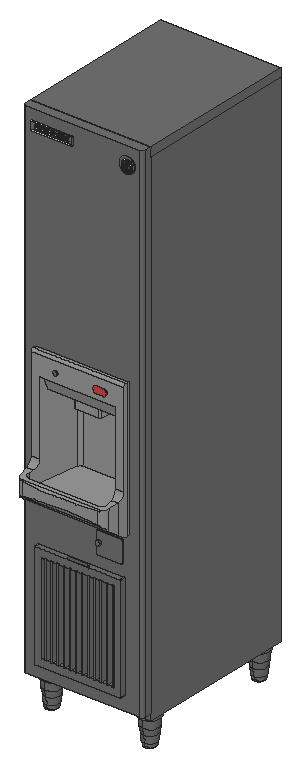
Revit family "QF_HOSHIZAKI_DIM-30DE-2", category Specialty Equipment, Revit 2016
Family settings
  Part Type = Normal
  Round Connector Dimension = Use Diameter
  OmniClass Number = 23.40.40.14
  OmniClass Title = Food Service Equipment
  Work Plane-Based = No
  Always vertical = Yes
  Cut with Voids When Loaded = No
  Shared = No
  Room Calculation Point = No
Parameters (values of type "DIM-30DE-2_240V/1Ph/60Hz")
  Weight = 65.00 kg
  Waste Remarks [instance] = ""
  Volts = 240 V
  URL Cutsheet = ""
  URL = "www.hoshizaki-europe.com"
  Status [instance] = ""
  Specification by User [instance] = ""
  Specification by Manufacturer [instance] = ""
  Serial Number = ""
  Seismic Rating = ""
  SMACNA No = ""
  Revision Code [instance] = ""
  Phase = 1
  Number of Poles = 2
  NAFEM Spec ID Number = ""
  Model = "DIM-30DE-2 "
  Min Ckt Ampacity = 0 A
  Max Overcurrent Protection = 0 A
  Masterspec = ""
  Manufacturer = "HOSHIZAKI"
  Length Actual = 350 mm
  Item Number [instance] = ""
  Installed By [instance] = ""
  Indirect Waste Size = 19.05 mm
  Indirect Waste Connection Type [instance] = ""
  Indirect Waste Connection Height [instance] = 410 mm
  Identify Quantity as Lot [instance] = no
  Height Actual = 1590 mm
  HP power = ""
  Furnished By [instance] = ""
  Foodservice Equipment Identifier [instance] = yes
  FL Amps = 20 A
  Electric power = 320 W
  Electric Connection Type [instance] = ""
  Elec Conn RI Height [instance] = 0 mm
  Elec Conn Connection Height [instance] = 510 mm
  Direct Waste RI Height [instance] = 0 mm
  Description = "DIM ICE DISPENSER, 30KG PER 24 HOURS, CUBE ICE"
  Depth Actual = 526 mm
  Cycle = 60 Hz
  Cost = 0
  Conn Plug = ""
  Conn Conduit = no
  Cold Water Temperature Recommended = 0 °C
  Cold Water Size = 12.7 mm
  Cold Water Flow = 0.0 L/s
  Cold Water Connection Height [instance] = 1505 mm
  CSI MasterFormat = ""
  Assembly Code = "E1090320"
  Apparent Power = 320 VA
  Accessory = no
Types (2, lengths in mm): name | Volts | Cycle
  DIM-30DE-2_240V/1Ph/60Hz | 240 V | 60 Hz
  DIM-30DE-2_230V/1Ph/50Hz | 230 V | 50 Hz
Reference planes
  plane 1 "Center (Front/Back)": y = 0
  plane 2: z = 0
  plane 3 "Center (Left/Right)": x = 0
Forms (mm)
  Extrusion 1, solid, not visible
    sketch origin (69, -15, 1504) x (1, 0, 0) y (0, 1, 0)
      loop
        line (0, 0) -> (2, 0) -> (2, 2) -> (0, 2) -> (0, 0)
    from 0 to 2
  Extrusion 2, solid, not visible
    sketch origin (174, 6, 409) x (1, 0, 0) y (0, 1, 0)
      loop
        line (0, 0) -> (2, 0) -> (2, 2) -> (0, 2) -> (0, 0)
    from 0 to 2
  Extrusion 3, solid, not visible
    sketch origin (124, -20, 509) x (1, 0, 0) y (0, 1, 0)
      loop
        line (0, 0) -> (2, 0) -> (2, 2) -> (0, 2) -> (0, 0)
    from 0 to 2
  Extrusion 4, solid, not visible
    sketch origin (69, -15, 1504) x (1, 0, 0) y (0, 1, 0)
      loop
        line (0, 0) -> (2, 0) -> (2, 2) -> (0, 2) -> (0, 0)
    from 0 to 2
  Extrusion 5, solid, not visible
    sketch origin (174, 6, 409) x (1, 0, 0) y (0, 1, 0)
      loop
        line (0, 0) -> (2, 0) -> (2, 2) -> (0, 2) -> (0, 0)
    from 0 to 2
  Extrusion 6, solid, not visible
    sketch origin (124, -20, 509) x (1, 0, 0) y (0, 1, 0)
      loop
        line (0, 0) -> (2, 0) -> (2, 2) -> (0, 2) -> (0, 0)
    from 0 to 2
  Extrusion 7, solid, not visible
    sketch origin (69, -15, 1504) x (1, 0, 0) y (0, 1, 0)
      loop
        line (0, 0) -> (2, 0) -> (2, 2) -> (0, 2) -> (0, 0)
    from 0 to 2
  Extrusion 8, solid, not visible
    sketch origin (174, 6, 409) x (1, 0, 0) y (0, 1, 0)
      loop
        line (0, 0) -> (2, 0) -> (2, 2) -> (0, 2) -> (0, 0)
    from 0 to 2
  Extrusion 9, solid, not visible
    sketch origin (124, -20, 509) x (1, 0, 0) y (0, 1, 0)
      loop
        line (0, 0) -> (2, 0) -> (2, 2) -> (0, 2) -> (0, 0)
    from 0 to 2
  Extrusion 10, solid, not visible
    sketch origin (69, -15, 1504) x (1, 0, 0) y (0, 1, 0)
      loop
        line (0, 0) -> (2, 0) -> (2, 2) -> (0, 2) -> (0, 0)
    from 0 to 2
  Extrusion 11, solid, not visible
    sketch origin (174, 6, 409) x (1, 0, 0) y (0, 1, 0)
      loop
        line (0, 0) -> (2, 0) -> (2, 2) -> (0, 2) -> (0, 0)
    from 0 to 2
  Extrusion 12, solid, not visible
    sketch origin (124, -20, 509) x (1, 0, 0) y (0, 1, 0)
      loop
        line (0, 0) -> (2, 0) -> (2, 2) -> (0, 2) -> (0, 0)
    from 0 to 2
Dimensions and locks
  aligned and locked: level to plane 2
Nested families
  nested 1: "QF_HOSHIZAKI_DIM-30DE-2_240V_1Ph_60Hz" at (0, 0, 0), type "DIM-30DE-2_240V/1Ph/60Hz"
    with Waste Water Discharge Temperature 20 °C, Status "", Specification by User "", Revision Code "", Plumbing Remarks "", Plumbing Connection Type "", Number of Poles 1, Item Number "", Installed By "", Indirect Waste Connection Type "", Indirect Waste Connection Height 410 mm, Identify Quantity as Lot no, Furnished By "", Foodservice Equipment Identifier yes, Electrical Remarks "", Electric Connection Type "", Elec Conn RI Height 0 mm, Elec Conn Connection Height 510 mm, Conn Conduit no, Cold Water RI Height 1505 mm, Cold Water Flow 0.0 L/s, Cold Water Consumption "", Cold Water Connection Height 1505 mm
Connectors
  piping at (70, -13, 1505), diameter 12.7, driven by "Cold Water Size", driven by "Cold Water Flow"
    settings: on Extrusion 1, index 1, connector inside diameter 609.6 mm, connector length 0 mm, flow factor 0, pipe flow 0.0 L/s, pressure drop 0.0 Pa, fitting loss kfactor 0, connector angle 0.00°, fixture units 0, engagement length 0 mm, angle of deflection 0.00°, flow configuration 1, flow direction 1, fitting loss method 0, system type 20, joint type 0, gender type 0, connector reference index -1, connector utility 0, adjustable connector no, is connector primary yes, connector description "Cold Water connection for 'DIM-30DE-2'"
  piping at (175, 8, 410), diameter 19.05, driven by "Indirect Waste Size"
    settings: on Extrusion 2, index 2, connector inside diameter 609.6 mm, connector length 0 mm, flow factor 0, pipe flow 0.0 L/s, pressure drop 0.0 Pa, fitting loss kfactor 0, connector angle 0.00°, fixture units 0, engagement length 0 mm, angle of deflection 0.00°, flow configuration 1, flow direction 2, fitting loss method 0, system type 16, joint type 0, gender type 0, connector reference index -1, connector utility 0, adjustable connector no, is connector primary no, connector description "Drain connection for 'DIM-30DE-2'"
  electrical at (125, -18, 510), driven by "Apparent Power", driven by "Number of Poles", driven by "Volts"
    settings: on Extrusion 3, index 3, voltage 240 V, apparent load 0 VA, apparent load phase1 320 VA, apparent load phase2 0 VA, apparent load phase3 0 VA, power factor 1, load classification "Other", number of poles 2, system type 31, power factor state 1, is connector primary yes, connector utility no, sub classification motor no, connector description "Electric connection for 'DIM-30DE-2'"
  piping at (70, -13, 1505), diameter 12.7, driven by "Cold Water Size", driven by "Cold Water Flow"
    settings: on Extrusion 4, index 4, connector inside diameter 609.6 mm, connector length 0 mm, flow factor 0, pipe flow 0.0 L/s, pressure drop 0.0 Pa, fitting loss kfactor 0, connector angle 0.00°, fixture units 0, engagement length 0 mm, angle of deflection 0.00°, flow configuration 1, flow direction 1, fitting loss method 0, system type 20, joint type 0, gender type 0, connector reference index -1, connector utility 0, adjustable connector no, is connector primary no, connector description "Cold Water connection for 'DIM-30DE-2'"
  piping at (175, 8, 410), diameter 19.05, driven by "Indirect Waste Size"
    settings: on Extrusion 5, index 5, connector inside diameter 609.6 mm, connector length 0 mm, flow factor 0, pipe flow 0.0 L/s, pressure drop 0.0 Pa, fitting loss kfactor 0, connector angle 0.00°, fixture units 0, engagement length 0 mm, angle of deflection 0.00°, flow configuration 1, flow direction 2, fitting loss method 0, system type 16, joint type 0, gender type 0, connector reference index -1, connector utility 0, adjustable connector no, is connector primary no, connector description "Drain connection for 'DIM-30DE-2'"
  electrical at (125, -18, 510), driven by "Apparent Power", driven by "Number of Poles", driven by "Volts"
    settings: on Extrusion 6, index 6, voltage 240 V, apparent load 0 VA, apparent load phase1 320 VA, apparent load phase2 0 VA, apparent load phase3 0 VA, power factor 1, load classification "Other", number of poles 2, system type 31, power factor state 1, is connector primary no, connector utility no, sub classification motor no, connector description "Electric connection for 'DIM-30DE-2'"
  piping at (70, -13, 1505), diameter 12.7, driven by "Cold Water Size", driven by "Cold Water Flow"
    settings: on Extrusion 7, index 7, connector inside diameter 609.6 mm, connector length 0 mm, flow factor 0, pipe flow 0.0 L/s, pressure drop 0.0 Pa, fitting loss kfactor 0, connector angle 0.00°, fixture units 0, engagement length 0 mm, angle of deflection 0.00°, flow configuration 1, flow direction 1, fitting loss method 0, system type 20, joint type 0, gender type 0, connector reference index -1, connector utility 0, adjustable connector no, is connector primary no, connector description "Cold Water connection for 'DIM-30DE-2'"
  piping at (175, 8, 410), diameter 19.05, driven by "Indirect Waste Size"
    settings: on Extrusion 8, index 8, connector inside diameter 609.6 mm, connector length 0 mm, flow factor 0, pipe flow 0.0 L/s, pressure drop 0.0 Pa, fitting loss kfactor 0, connector angle 0.00°, fixture units 0, engagement length 0 mm, angle of deflection 0.00°, flow configuration 1, flow direction 2, fitting loss method 0, system type 16, joint type 0, gender type 0, connector reference index -1, connector utility 0, adjustable connector no, is connector primary no, connector description "Drain connection for 'DIM-30DE-2'"
  electrical at (125, -18, 510), driven by "Apparent Power", driven by "Number of Poles", driven by "Volts"
    settings: on Extrusion 9, index 9, voltage 240 V, apparent load 0 VA, apparent load phase1 320 VA, apparent load phase2 0 VA, apparent load phase3 0 VA, power factor 1, load classification "Other", number of poles 2, system type 31, power factor state 1, is connector primary no, connector utility no, sub classification motor no, connector description "Electric connection for 'DIM-30DE-2'"
  piping at (70, -13, 1505), diameter 12.7, driven by "Cold Water Size", driven by "Cold Water Flow"
    settings: on Extrusion 10, index 10, connector inside diameter 609.6 mm, connector length 0 mm, flow factor 0, pipe flow 0.0 L/s, pressure drop 0.0 Pa, fitting loss kfactor 0, connector angle 0.00°, fixture units 0, engagement length 0 mm, angle of deflection 0.00°, flow configuration 1, flow direction 1, fitting loss method 0, system type 20, joint type 0, gender type 0, connector reference index -1, connector utility 0, adjustable connector no, is connector primary no, connector description "Cold Water connection for 'DIM-30DE-2'"
  piping at (175, 8, 410), diameter 19.05, driven by "Indirect Waste Size"
    settings: on Extrusion 11, index 11, connector inside diameter 609.6 mm, connector length 0 mm, flow factor 0, pipe flow 0.0 L/s, pressure drop 0.0 Pa, fitting loss kfactor 0, connector angle 0.00°, fixture units 0, engagement length 0 mm, angle of deflection 0.00°, flow configuration 1, flow direction 2, fitting loss method 0, system type 16, joint type 0, gender type 0, connector reference index -1, connector utility 0, adjustable connector no, is connector primary no, connector description "Drain connection for 'DIM-30DE-2'"
  electrical at (125, -18, 510), driven by "Apparent Power", driven by "Number of Poles", driven by "Volts"
    settings: on Extrusion 12, index 12, voltage 240 V, apparent load 0 VA, apparent load phase1 320 VA, apparent load phase2 0 VA, apparent load phase3 0 VA, power factor 1, load classification "Other", number of poles 2, system type 31, power factor state 1, is connector primary no, connector utility no, sub classification motor no, connector description "Electric connection for 'DIM-30DE-2'"
Definition of nested family "QF_HOSHIZAKI_DIM-30DE-2_240V_1Ph_60Hz"
  Parameters (values of type "DIM-30DE-2_240V/1Ph/60Hz")
    Weight in Pounds = 143
    Electric power = 340 W
    Waste Water Discharge Temperature [instance] = 20 °C
    Volts = 230 V
    URL Cutsheet = "www.hoshizaki-europe.com"
    URL = "www.hoshizaki-europe.com"
    Status [instance] = ""
    Specification by User [instance] = ""
    Specification by Manufacturer = ""
    Show Logo = yes
    Serial Number = ""
    Seismic Rating = ""
    SMACNA No = ""
    Revision Code [instance] = ""
    Plumbing Remarks [instance] = ""
    Plumbing Connection Type [instance] = ""
    Phase = 1
    Number of Poles [instance] = 1
    NAFEM Spec ID Number = ""
    Model = "DIM-40DE-HC"
    Min Ckt Ampacity = 0 A
    Max Overcurrent Protection = 10 A
    Masterspec = ""
    Manufacturer = "HOSHIZAKI"
    Item Number [instance] = ""
    Installed By [instance] = ""
    Indirect Waste Size = 19.05 mm
    Indirect Waste Flow = 0.0 L/s
    Indirect Waste Connection Type [instance] = ""
    Indirect Waste Connection Height [instance] = 410 mm
    Identify Quantity as Lot [instance] = no
    HP power = "0.455946800000"
    Furnished By [instance] = ""
    Foodservice Equipment Identifier [instance] = yes
    FL Amps = 1.47 A
    Electrical Remarks [instance] = ""
    Electric Connection Type [instance] = ""
    Elec Conn RI Height [instance] = 0 mm
    Elec Conn Connection Height [instance] = 510 mm
    Description = "DIM ICE DISPENSER, 43KG PER 24 HOURS, CUBE ICE"
    Cycle = 50 Hz
    Conn Plug = ""
    Conn Conduit [instance] = no
    Cold Water Temperature Recommended = 35 °C
    Cold Water Size = 12.7 mm
    Cold Water RI Height [instance] = 1505 mm
    Cold Water Minimum Pressure = 70000.0 Pa
    Cold Water Maximum Pressure = 780000.0 Pa
    Cold Water Flow [instance] = 0.0 L/s
    Cold Water Consumption [instance] = ""
    Cold Water Connection Height [instance] = 1505 mm
    CSI MasterFormat = ""
    Assembly Code = "E1090320"
    Apparent Power = 340 VA
  Reference planes
    plane 1 "Back": y = 0
    plane 2: z = 0
    plane 3 "Left": x = 0
    plane 4 "Right": x = 350
    plane 5 "Front": y = -526
    plane 6 "Top": z = 1590
  Forms (mm)
    Extrusion 1, solid
      sketch origin (0, 0, 0) x (1, 0, 0) y (0, 1, 0)
        loop
          line (40, -526) -> (40, -535.559)
          arc (40, -535.559) -> (41.546, -563.317) -> (46.164, -590.733) r 250
          arc (46.164, -590.733) -> (53.691, -603.04) -> (67.145, -608.246) r 22.5
          arc (67.145, -608.246) -> (175, -610.558) -> (282.855, -608.246) r 2517
          arc (282.855, -608.246) -> (296.309, -603.04) -> (303.836, -590.733) r 22.5
          arc (303.836, -590.733) -> (306.669, -576.236) -> (308.641, -561.596) r 250
          arc (308.641, -561.596) -> (309.66, -548.596) -> (310, -535.561) r 250
          line (310, -535.561) -> (310, -526) -> (40, -526)
      from 575 to 975
    Extrusion 2, void
      sketch origin (0, 0, 0) x (0, 1, 0) y (0, 0, 1)
        loop
          line (-611, 575) -> (-538.86, 575)
          arc (-538.86, 575) -> (-573.629, 596.403) -> (-604.451, 623.18) r 250
          arc (-604.451, 623.18) -> (-609.3, 630.575) -> (-611, 639.253) r 23
          line (-611, 639.253) -> (-611, 575)
        loop
          arc (-611, 658.266) -> (-609.129, 663.408) -> (-604.39, 666.145) r 8
          line (-604.39, 666.145) -> (-562.59, 673.522)
          arc (-562.59, 673.522) -> (-549.263, 681.218) -> (-544, 695.679) r 22.5
          line (-544, 695.679) -> (-544, 967)
          arc (-544, 967) -> (-541.657, 972.657) -> (-536, 975) r 8
          line (-536, 975) -> (-611, 975) -> (-611, 658.266)
      from 315.034 to 35.44
    Extrusion 3, void
      sketch origin (0, 0, 0) x (1, 0, 0) y (0, 1, 0)
        loop
          line (70.943, -593.56) -> (279.057, -593.56)
          arc (279.057, -593.56) -> (288.21, -589.319) -> (290.895, -579.595) r 12
          line (290.895, -579.595) -> (266.394, -431.946)
          arc (266.394, -431.946) -> (262.995, -425.955) -> (256.529, -423.583) r 10
          line (256.529, -423.583) -> (93.471, -423.583)
          arc (93.471, -423.583) -> (87.005, -425.955) -> (83.606, -431.946) r 10
          line (83.606, -431.946) -> (59.105, -579.595)
          arc (59.105, -579.595) -> (61.79, -589.319) -> (70.943, -593.56) r 12
      from 910.443 to 635.013
    Extrusion 4, solid
      sketch origin (0, 0, 0) x (1, 0, 0) y (0, 1, 0)
        loop
          line (67.999, -526) -> (83.606, -431.946)
          arc (83.606, -431.946) -> (87.005, -425.955) -> (93.471, -423.583) r 10
          line (93.471, -423.583) -> (256.529, -423.583)
          arc (256.529, -423.583) -> (262.995, -425.955) -> (266.394, -431.946) r 10
          line (266.394, -431.946) -> (282.001, -526) -> (285.042, -526) -> (269.353, -431.455)
          arc (269.353, -431.455) -> (264.935, -423.666) -> (256.529, -420.583) r 13
          line (256.529, -420.583) -> (93.471, -420.583)
          arc (93.471, -420.583) -> (85.065, -423.666) -> (80.647, -431.455) r 13
          line (80.647, -431.455) -> (64.958, -526) -> (67.999, -526)
      from 915.14 to 630
    Extrusion 5, solid
      sketch origin (0, 0, 0) x (0, 1, 0) y (0, 0, 1)
        loop
          line (-423.583, 832.914) -> (-423.583, 910.443) -> (-537.176, 910.443) -> (-521.889, 869.996) -> (-423.583, 832.914)
      from 61.617 to 288.383
    Extrusion 6, solid
      sketch origin (4.981, 0, 0) x (1, 0, 0) y (0, 1, 0)
        loop
          line (122.019, -423.583) -> (131.501, -504.533)
          arc (131.501, -504.533) -> (133.144, -507.687) -> (136.468, -508.952) r 5
          line (136.468, -508.952) -> (203.571, -508.952)
          arc (203.571, -508.952) -> (206.894, -507.687) -> (208.537, -504.533) r 5
          line (208.537, -504.533) -> (218.019, -423.583) -> (122.019, -423.583)
      from 838.676 to 869.21
    Extrusion 7, solid
      sketch origin (0, -15, 0) x (1, 0, 0) y (0, 0, 1)
        loop
          line (47, 458.495) -> (47, 152.495)
          arc (47, 152.495) -> (47.586, 151.081) -> (49, 150.495) r 2
          line (49, 150.495) -> (295, 150.495)
          arc (295, 150.495) -> (296.414, 151.081) -> (297, 152.495) r 2
          line (297, 152.495) -> (297, 458.495)
          arc (297, 458.495) -> (296.414, 459.909) -> (295, 460.495) r 2
          line (295, 460.495) -> (49, 460.495)
          arc (49, 460.495) -> (47.586, 459.909) -> (47, 458.495) r 2
        loop
          line (281, 172.495) -> (281, 438.495) -> (69, 438.495) -> (69, 172.495) -> (281, 172.495)
      from 511 to 526
    Extrusion 8, solid
      sketch origin (-10, -15, 0) x (1, 0, 0) y (0, 1, 0)
        loop
          line (81.947, -512) -> (86.807, -526) -> (90.894, -526) -> (90.894, -506) -> (81.947, -506) -> (81.947, -512)
        loop
          line (99.841, -512) -> (104.7, -526) -> (108.788, -526) -> (108.788, -506) -> (99.841, -506) -> (99.841, -512)
        loop
          line (117.735, -512) -> (122.594, -526) -> (126.681, -526) -> (126.681, -506) -> (117.735, -506) -> (117.735, -512)
        loop
          line (135.628, -512) -> (140.488, -526) -> (144.575, -526) -> (144.575, -506) -> (135.628, -506) -> (135.628, -512)
        loop
          line (153.522, -512) -> (158.382, -526) -> (162.469, -526) -> (162.469, -506) -> (153.522, -506) -> (153.522, -512)
        loop
          line (171.416, -512) -> (176.276, -526) -> (180.363, -526) -> (180.363, -506) -> (171.416, -506) -> (171.416, -512)
        loop
          line (189.31, -512) -> (194.169, -526) -> (198.257, -526) -> (198.257, -506) -> (189.31, -506) -> (189.31, -512)
        loop
          line (207.204, -512) -> (212.063, -526) -> (216.15, -526) -> (216.15, -506) -> (207.204, -506) -> (207.204, -512)
        loop
          line (225.097, -512) -> (229.957, -526) -> (234.044, -526) -> (234.044, -506) -> (225.097, -506) -> (225.097, -512)
        loop
          line (242.991, -512) -> (247.851, -526) -> (251.938, -526) -> (251.938, -506) -> (242.991, -506) -> (242.991, -512)
        loop
          line (260.885, -512) -> (265.745, -526) -> (269.832, -526) -> (269.832, -506) -> (260.885, -506) -> (260.885, -512)
        loop
          line (278.779, -512) -> (283.639, -526) -> (287.726, -526) -> (287.726, -506) -> (278.779, -506) -> (278.779, -512)
      from 438.495 to 172.495
    Revolve 9, solid
      sketch origin (32, -33.318, 0) x (0, -1, 0) y (0, 0, 1)
        loop
          line (-1.318, 90) -> (-1.318, 80) -> (2.731, 80)
          arc (2.731, 80) -> (2.968, 66.933) -> (4.342, 53.936) r 150
          line (4.342, 53.936) -> (7.023, 36.064)
          arc (7.023, 36.064) -> (8.222, 25.561) -> (8.678, 15) r 150
          line (8.678, 15) -> (11.382, 15) -> (11.382, 3.5)
          arc (11.382, 3.5) -> (12.408, 1.025) -> (14.882, 0) r 3.5
          line (14.882, 0) -> (28.682, 0) -> (28.682, 90) -> (-1.318, 90)
        axis (28.682, 90) -> (28.682, 0)
      angle from 0 to 360
    Revolve 10, solid
      sketch origin (318, -90.682, 0) x (0, 1, 0) y (0, 0, -1)
        loop
          line (58.682, -90) -> (58.682, -80) -> (54.634, -80)
          arc (54.634, -80) -> (54.397, -66.933) -> (53.023, -53.936) r 150
          line (53.023, -53.936) -> (50.342, -36.064)
          arc (50.342, -36.064) -> (49.143, -25.561) -> (48.687, -15) r 150
          line (48.687, -15) -> (45.982, -15) -> (45.982, -3.5)
          arc (45.982, -3.5) -> (44.957, -1.025) -> (42.482, 0) r 3.5
          line (42.482, 0) -> (28.682, 0) -> (28.682, -90) -> (58.682, -90)
        axis (28.682, -90) -> (28.682, 0)
      angle from 0 to 360
    Extrusion 11, solid
      sketch origin (0, 0, 0) x (1, 0, 0) y (0, 1, 0)
        loop
          line (315, 0) -> (255, 0) -> (255, -23) -> (315, -23) -> (315, 0)
      from 306 to 1565
    Extrusion 12, solid
      sketch origin (13.768, 8, -110.803) x (1, 0, 0) y (0, 0, 1)
        loop
          circle (161.232, 520.803) r 11
        loop
          circle (161.232, 520.803) r 10
      from 8 to 31
    Extrusion 13, solid
      sketch origin (70, -13, 1505) x (1, 0, 0) y (0, 0, 1)
        loop
          circle (0, 0) r 10
        loop
          circle (0, 0) r 8
      from 0 to 10
    Extrusion 14, solid
      sketch origin (27.815, -543, -15.8) x (1, 0, 0) y (0, 0, 1)
        loop
          arc (202.685, 960.794) -> (192.685, 950.794) -> (202.685, 940.794) r 10
          line (202.685, 940.794) -> (221.685, 940.794)
          arc (221.685, 940.794) -> (231.685, 950.794) -> (221.685, 960.794) r 10
          line (221.685, 960.794) -> (202.685, 960.794)
      from 0 to 2
    Extrusion 15, solid
      sketch origin (26.37, -543, -11) x (1, 0, 0) y (0, 0, 1)
        loop
          circle (83.63, 946.237) r 6
      from 0 to 2
    Revolve 16, solid
      sketch origin (32, -431.318, 0) x (0, -1, 0) y (0, 0, 1)
        loop
          line (-1.318, 90) -> (-1.318, 80) -> (2.731, 80)
          arc (2.731, 80) -> (2.968, 66.933) -> (4.342, 53.936) r 150
          line (4.342, 53.936) -> (7.023, 36.064)
          arc (7.023, 36.064) -> (8.222, 25.561) -> (8.678, 15) r 150
          line (8.678, 15) -> (11.382, 15) -> (11.382, 3.5)
          arc (11.382, 3.5) -> (12.408, 1.025) -> (14.882, 0) r 3.5
          line (14.882, 0) -> (28.682, 0) -> (28.682, 90) -> (-1.318, 90)
        axis (28.682, 90) -> (28.682, 0)
      angle from 0 to 360
    Revolve 17, solid
      sketch origin (318, -488.682, 0) x (0, 1, 0) y (0, 0, -1)
        loop
          line (58.682, -90) -> (58.682, -80) -> (54.634, -80)
          arc (54.634, -80) -> (54.397, -66.933) -> (53.023, -53.936) r 150
          line (53.023, -53.936) -> (50.342, -36.064)
          arc (50.342, -36.064) -> (49.143, -25.561) -> (48.687, -15) r 150
          line (48.687, -15) -> (45.982, -15) -> (45.982, -3.5)
          arc (45.982, -3.5) -> (44.957, -1.025) -> (42.482, 0) r 3.5
          line (42.482, 0) -> (28.682, 0) -> (28.682, -90) -> (58.682, -90)
        axis (28.682, -90) -> (28.682, 0)
      angle from 0 to 360
    Extrusion 18, solid
      sketch origin (0, 0, 0) x (1, 0, 0) y (0, 1, 0)
        loop
          line (10, -526) -> (340, -526)
          arc (340, -526) -> (347.071, -523.071) -> (350, -516) r 10
          line (350, -516) -> (350, -496) -> (0, -496) -> (0, -516)
          arc (0, -516) -> (2.929, -523.071) -> (10, -526) r 10
      from 1590 to 110
    Extrusion 19, solid
      sketch origin (0, 0, 0) x (1, 0, 0) y (0, 1, 0)
        loop
          line (83.606, -431.946) -> (67.999, -526) -> (282.001, -526) -> (266.394, -431.946)
          arc (266.394, -431.946) -> (262.995, -425.955) -> (256.529, -423.583) r 10
          line (256.529, -423.583) -> (93.471, -423.583)
          arc (93.471, -423.583) -> (87.005, -425.955) -> (83.606, -431.946) r 10
      from 635.013 to 630
    Extrusion 20, solid
      sketch origin (0, 0, 1590) x (0, 1, 0) y (-1, 0, 0)
        loop
          line (-23, 0) -> (-496, 0) -> (-496, -350) -> (-23, -350) -> (-23, 0)
      from 0 to -25
    Extrusion 21, solid
      sketch origin (0, 0, 1590) x (0, 1, 0) y (-1, 0, 0)
        loop
          line (-23, 0) -> (-496, 0) -> (-496, -350) -> (-23, -350) -> (-23, 0)
      from -25 to -1500
    Extrusion 22, void
      sketch origin (0, -526, 0) x (-1, 0, 0) y (0, 0, 1)
        loop
          line (-60, 915) -> (-290, 915) -> (-290, 630) -> (-60, 630) -> (-60, 915)
      from 0 to 105.417
    Extrusion 23, void
      sketch origin (0, -526, 0) x (-1, 0, 0) y (0, 0, 1)
        loop
          line (-69, 438.495) -> (-281, 438.495) -> (-281, 172.495) -> (-69, 172.495) -> (-69, 438.495)
      from 0 to 30
    Revolve 24, solid
      sketch origin (0, -488.952, 0) x (1, 0, 0) y (0, 0, 1)
        loop
          line (175, 838.676) -> (168.5, 838.676) -> (168.5, 834.637)
          arc (168.5, 834.637) -> (168.672, 833.6) -> (169.168, 832.674) r 3.217
          line (169.168, 832.674) -> (172.881, 828.61)
          arc (172.881, 828.61) -> (173.842, 827.92) -> (175, 827.676) r 2.87
          line (175, 827.676) -> (175, 838.676)
        axis (175, 838.676) -> (175, 827.676)
      angle from 0 to 360
    Extrusion 25, solid, visible <- "Show Logo"
      sketch origin (0, -526, 985) x (-1, 0, 0) y (0, 0, 1)
        loop
          line (-34.966, 567.015) -> (-40.766, 567.015) -> (-40.766, 565.73) -> (-38.944, 564.902) -> (-38.944, 562.682) -> (-43.554, 562.682) -> (-43.554, 564.902) -> (-41.731, 565.73) -> (-41.731, 567.015) -> (-47.532, 567.015) -> (-47.532, 565.73) -> (-46.098, 564.902) -> (-46.098, 558.114) -> (-47.532, 557.286) -> (-47.532, 556) -> (-41.731, 556) -> (-41.731, 557.286) -> (-43.554, 558.114) -> (-43.554, 560.673) -> (-38.944, 560.673) -> (-38.944, 558.114) -> (-40.766, 557.286) -> (-40.766, 556) -> (-34.966, 556) -> (-34.966, 557.286) -> (-36.4, 558.114) -> (-36.4, 564.902) -> (-34.966, 565.73) -> (-34.966, 567.015)
        loop
          spline (-53.399, 556.042) -> (-51.878, 556.229) -> (-50.461, 556.777) -> (-49.244, 557.649) -> (-48.31, 558.785) -> (-47.723, 560.108) -> (-47.523, 561.528) -> (-47.723, 562.949) -> (-48.31, 564.272) -> (-49.244, 565.408) -> (-50.461, 566.28) -> (-51.878, 566.828) -> (-53.399, 567.015)
          spline (-53.399, 567.015) -> (-54.92, 566.828) -> (-56.337, 566.28) -> (-57.554, 565.408) -> (-58.488, 564.272) -> (-59.075, 562.949) -> (-59.276, 561.528) -> (-59.075, 560.108) -> (-58.488, 558.785) -> (-57.554, 557.649) -> (-56.337, 556.777) -> (-54.92, 556.229) -> (-53.399, 556.042)
        loop
          spline (-53.299, 557.388) -> (-52.547, 557.529) -> (-51.847, 557.943) -> (-51.245, 558.601) -> (-50.784, 559.458) -> (-50.493, 560.457) -> (-50.394, 561.528) -> (-50.493, 562.6) -> (-50.784, 563.598) -> (-51.245, 564.456) -> (-51.847, 565.114) -> (-52.547, 565.527) -> (-53.299, 565.668)
          spline (-53.299, 565.668) -> (-54.051, 565.527) -> (-54.752, 565.114) -> (-55.353, 564.456) -> (-55.815, 563.598) -> (-56.105, 562.6) -> (-56.204, 561.528) -> (-56.105, 560.457) -> (-55.815, 559.458) -> (-55.353, 558.601) -> (-54.752, 557.943) -> (-54.051, 557.529) -> (-53.299, 557.388)
        loop
          line (-69.829, 567.094) -> (-69.829, 563.369) -> (-68.139, 563.369) -> (-66.541, 565.495)
          arc (-66.541, 565.495) -> (-65.019, 565.695) -> (-63.498, 565.495) r 5.879
          arc (-63.498, 565.495) -> (-62.682, 564.432) -> (-63.498, 563.369) r 1.1
          line (-63.498, 563.369) -> (-69.29, 561.817)
          arc (-69.29, 561.817) -> (-70.234, 559.317) -> (-69.29, 556.817) r 3.783
          arc (-69.29, 556.817) -> (-65.84, 555.742) -> (-62.391, 556.817) r 6.071
          line (-62.391, 556.817) -> (-61.743, 556.17) -> (-59.855, 556.17) -> (-59.855, 559.779) -> (-61.862, 559.779) -> (-63.839, 557.802)
          arc (-63.839, 557.802) -> (-65.344, 557.537) -> (-66.85, 557.802) r 4.401
          arc (-66.85, 557.802) -> (-67.476, 558.697) -> (-66.85, 559.592) r 0.953
          line (-66.85, 559.592) -> (-61.612, 561.499)
          arc (-61.612, 561.499) -> (-59.989, 563.999) -> (-61.612, 566.499) r 2.737
          arc (-61.612, 566.499) -> (-64.578, 567.129) -> (-67.544, 566.499) r 7.289
          line (-67.544, 566.499) -> (-68.139, 567.094) -> (-69.829, 567.094)
        loop
          line (-71.301, 567.015) -> (-77.102, 567.015) -> (-77.102, 565.73) -> (-75.279, 564.902) -> (-75.279, 562.682) -> (-79.89, 562.682) -> (-79.89, 564.902) -> (-78.067, 565.73) -> (-78.067, 567.015) -> (-83.867, 567.015) -> (-83.867, 565.73) -> (-82.433, 564.902) -> (-82.433, 558.114) -> (-83.867, 557.286) -> (-83.867, 556) -> (-78.067, 556) -> (-78.067, 557.286) -> (-79.89, 558.114) -> (-79.89, 560.673) -> (-75.279, 560.673) -> (-75.279, 558.114) -> (-77.102, 557.286) -> (-77.102, 556) -> (-71.301, 556) -> (-71.301, 557.286) -> (-72.736, 558.114) -> (-72.736, 564.902) -> (-71.301, 565.73) -> (-71.301, 567.015)
        loop
          line (-90.776, 567.015) -> (-90.776, 565.73) -> (-89.342, 564.902) -> (-89.342, 558.114) -> (-90.776, 557.286) -> (-90.776, 556) -> (-84.989, 556) -> (-84.989, 557.286) -> (-86.423, 558.114) -> (-86.423, 564.902) -> (-84.989, 565.73) -> (-84.989, 567.015) -> (-90.776, 567.015)
        loop
          line (-92.073, 567.015) -> (-101.842, 567.015) -> (-101.842, 565.297) -> (-95.543, 557.791) -> (-98.873, 557.791) -> (-100.144, 558.681) -> (-100.144, 560.456) -> (-101.842, 560.456) -> (-101.842, 556) -> (-92.073, 556) -> (-92.073, 557.791) -> (-97.907, 564.744) -> (-97.907, 565.637) -> (-94.625, 565.637) -> (-93.746, 564.758) -> (-93.746, 562.341) -> (-92.073, 562.341) -> (-92.073, 567.015)
        loop
          line (-102.808, 556) -> (-102.808, 557.427) -> (-103.934, 557.427) -> (-107.808, 567.015) -> (-109.97, 567.015) -> (-113.886, 557.791) -> (-114.741, 557.791) -> (-114.741, 556) -> (-109.113, 556) -> (-109.113, 557.427) -> (-110.221, 557.427) -> (-111.13, 558.335) -> (-110.247, 559.596) -> (-106.153, 559.596) -> (-105.593, 558.058) -> (-106.224, 557.427) -> (-107.808, 557.427) -> (-107.808, 556) -> (-102.808, 556)
        loop
          line (-115.159, 567.015) -> (-120.444, 567.015) -> (-120.444, 565.595) -> (-119.405, 565.595) -> (-119.405, 561.351) -> (-123.648, 565.595) -> (-122.274, 565.595) -> (-122.274, 567.015) -> (-127.274, 567.015) -> (-127.274, 565.595) -> (-125.79, 565.595) -> (-123.002, 562.806) -> (-127.274, 557.791) -> (-128.486, 557.791) -> (-128.486, 556) -> (-122.274, 556) -> (-122.274, 557.791) -> (-123.993, 557.791) -> (-120.99, 560.794) -> (-119.405, 559.209) -> (-119.405, 557.791) -> (-120.444, 557.791) -> (-120.444, 556) -> (-115.444, 556) -> (-115.444, 557.791) -> (-116.869, 557.791) -> (-116.869, 565.595) -> (-115.159, 565.595) -> (-115.159, 567.015)
        loop
          line (-135, 567.015) -> (-135, 565.73) -> (-133.566, 564.902) -> (-133.566, 558.114) -> (-135, 557.286) -> (-135, 556) -> (-129.213, 556) -> (-129.213, 557.286) -> (-130.648, 558.114) -> (-130.648, 564.902) -> (-129.213, 565.73) -> (-129.213, 567.015) -> (-135, 567.015)
        loop
          line (-108.15, 564.538) -> (-109.61, 561.096) -> (-106.759, 561.096) -> (-108.15, 564.538)
      from 1 to -1.5
    Extrusion 26, solid, visible <- "Show Logo"
      sketch origin (0, -526, 985) x (-1, 0, 0) y (0, 0, 1)
        loop
          line (-25, 572) -> (-145, 572) -> (-145, 551) -> (-25, 551) -> (-25, 572)
      from 1 to -1
    Extrusion 27, solid, visible <- "Show Logo"
      sketch origin (0, -526, 985) x (-1, 0, 0) y (0, 0, 1)
        loop
          line (-28, 575) -> (-142, 575)
          arc (-142, 575) -> (-144.121, 574.121) -> (-145, 572) r 3
          line (-145, 572) -> (-25, 572)
          arc (-25, 572) -> (-25.879, 574.121) -> (-28, 575) r 3
        loop
          line (-142, 548) -> (-28, 548)
          arc (-28, 548) -> (-25.879, 548.879) -> (-25, 551) r 3
          line (-25, 551) -> (-145, 551)
          arc (-145, 551) -> (-144.121, 548.879) -> (-142, 548) r 3
      from 1 to -1
    Extrusion 28, solid, visible <- "Show Logo"
      sketch origin (764.884, -525.5, -322.5) x (-1, 0, 0) y (0, 0, -1)
        loop
          circle (459.884, -1862.5) r 13.99
      from -0.5 to 2
    Extrusion 29, solid, visible <- "Show Logo"
      sketch origin (764.884, -526, -322.5) x (-1, 0, 0) y (0, 0, -1)
        loop
          circle (459.884, -1862.5) r 15
        loop
          arc (446.884, -1862.5) -> (460.705, -1875.474) -> (472.781, -1860.863) r 13
          line (472.781, -1860.863) -> (470.355, -1858.437) -> (469.346, -1862.201) -> (466.355, -1863.928) -> (465.024, -1865.26) -> (463.375, -1865.26) -> (462.04, -1870.241) -> (457.755, -1870.241) -> (459.339, -1867.979) -> (460.402, -1864.014) -> (461.224, -1860.945) -> (462.416, -1856.497) -> (461.216, -1855.297) -> (459.433, -1857.843) -> (455.784, -1851.523) -> (460.361, -1851.523) -> (461.471, -1853.446) -> (469.213, -1853.446)
          arc (469.213, -1853.446) -> (460.394, -1849.51) -> (451.293, -1852.743) r 13
          line (451.293, -1852.743) -> (455.577, -1853.891) -> (453.752, -1856.497) -> (455.349, -1856.497) -> (454.477, -1866.459) -> (452.538, -1866.459) -> (446.884, -1862.5)
        loop
          line (447.853, -1857.467) -> (452.313, -1861.926) -> (450.144, -1853.891)
          arc (450.144, -1853.891) -> (448.878, -1855.602) -> (447.853, -1857.467) r 15.828
        loop
          line (463.583, -1862.877) -> (466.64, -1862.399) -> (464.901, -1861.285) -> (463.583, -1857.664) -> (463.583, -1862.877)
        loop
          line (464.827, -1855.979) -> (468.296, -1856.908) -> (469.573, -1854.916) -> (468.881, -1854.224) -> (467.914, -1855.035) -> (464.827, -1855.979)
        loop
          line (462.609, -1872.307) -> (462.609, -1874.009) -> (464.927, -1873.388) -> (462.609, -1872.307)
        loop
          line (460.361, -1874.662) -> (459.594, -1873.335) -> (460.801, -1872.638) -> (459.186, -1872.205) -> (458.298, -1874.11) -> (460.361, -1874.662)
        loop
          line (459.623, -1846.783) -> (460.706, -1845.701) -> (462.247, -1845.701) -> (461.191, -1844.645) -> (461.503, -1842.874) -> (459.623, -1843.959) -> (457.743, -1842.874) -> (458.055, -1844.645) -> (456.999, -1845.701) -> (458.54, -1845.701) -> (459.623, -1846.783)
        loop
          line (446.86, -1853.7) -> (446.594, -1852.191) -> (447.478, -1850.929) -> (446.007, -1851.188) -> (444.736, -1849.917) -> (444.547, -1852.08) -> (442.579, -1852.997) -> (444.209, -1853.757) -> (444.468, -1855.228) -> (445.352, -1853.965) -> (446.86, -1853.7)
        loop
          line (452.395, -1848.68) -> (452.856, -1847.219) -> (454.223, -1846.508) -> (452.799, -1846.059) -> (452.258, -1844.344) -> (451.091, -1846.175) -> (448.922, -1846.08) -> (450.017, -1847.507) -> (449.568, -1848.931) -> (450.935, -1848.219) -> (452.395, -1848.68)
        loop
          line (472.909, -1853.7) -> (474.417, -1853.965) -> (475.301, -1855.228) -> (475.56, -1853.757) -> (477.19, -1852.997) -> (475.222, -1852.08) -> (475.033, -1849.917) -> (473.761, -1851.188) -> (472.291, -1850.929) -> (473.175, -1852.191) -> (472.909, -1853.7)
        loop
          line (467.374, -1848.68) -> (468.834, -1848.219) -> (470.201, -1848.931) -> (469.752, -1847.507) -> (470.847, -1846.08) -> (468.678, -1846.175) -> (467.511, -1844.344) -> (466.97, -1846.059) -> (465.546, -1846.508) -> (466.913, -1847.219) -> (467.374, -1848.68)
      from 0 to 2
    Extrusion 30, solid, visible <- "Show Logo"
      sketch origin (764.884, -526, -322.5) x (-1, 0, 0) y (0, 0, -1)
        loop
          line (462.609, -1874.009) -> (462.609, -1872.307) -> (462.085, -1870.241) -> (457.755, -1870.241) -> (459.339, -1867.979) -> (462.416, -1856.497) -> (461.216, -1855.297) -> (459.433, -1857.843) -> (455.808, -1851.565) -> (453.948, -1851.565) -> (455.577, -1853.891) -> (454.477, -1866.459) -> (456.345, -1871.339)
          arc (456.345, -1871.339) -> (456.868, -1874.025) -> (459.213, -1875.435) r 3.366
          arc (459.213, -1875.435) -> (460.198, -1875.496) -> (461.183, -1875.435) r 8.046
          line (461.183, -1875.435) -> (462.609, -1874.009)
        loop
          line (456.854, -1851.523) -> (460.361, -1851.523) -> (460.916, -1852.485) -> (462.702, -1852.485) -> (463.779, -1851.407) -> (460.623, -1851.407) -> (461.563, -1850.468) -> (456.245, -1850.468) -> (456.854, -1851.523)
        loop
          line (460.361, -1874.662) -> (459.594, -1873.335) -> (460.801, -1872.638) -> (459.186, -1872.205) -> (458.298, -1874.11) -> (460.361, -1874.662)
      from 0 to 2
    Extrusion 31, solid, visible <- "Show Logo"
      sketch origin (-20.5, -525, 1101.096) x (1, 0, 0) y (0, 0, 1)
        loop
          circle (325.5, 438.904) r 22.5
      from 0 to 2
    Extrusion 32, solid
      sketch origin (0, -449.768, 8.794) x (-1, 0, 0) y (0, -0.174532, 0.984651)
        loop
          arc (-144.596, 462.92) -> (-146.103, 466.897) -> (-149.868, 468.876) r 6
          arc (-149.868, 468.876) -> (-174.596, 470.382) -> (-199.324, 468.876) r 203.721
          arc (-199.324, 468.876) -> (-203.089, 466.897) -> (-204.596, 462.92) r 6
          line (-204.596, 462.92) -> (-204.596, 455.592) -> (-144.596, 455.592) -> (-144.596, 462.92)
      from -9.019 to -11
    Extrusion 33, solid
      sketch origin (0, -526, 0) x (-1, 0, 0) y (0, 0, 1)
        loop
          arc (-215.5, 553.744) -> (-216.964, 557.279) -> (-220.5, 558.744) r 5
          line (-220.5, 558.744) -> (-287, 558.744)
          arc (-287, 558.744) -> (-290.536, 557.279) -> (-292, 553.744) r 5
          line (-292, 553.744) -> (-292, 497.244)
          arc (-292, 497.244) -> (-290.536, 493.708) -> (-287, 492.244) r 5
          line (-287, 492.244) -> (-220.5, 492.244)
          arc (-220.5, 492.244) -> (-216.964, 493.708) -> (-215.5, 497.244) r 5
          line (-215.5, 497.244) -> (-215.5, 553.744)
      from -1 to 1
    Extrusion 34, solid
      sketch origin (0, -526, 0) x (-1, 0, 0) y (0, 0, 1)
        loop
          circle (-223, 525.494) r 6.5
      from -1 to -6
    Extrusion 35, solid
      sketch origin (0, 0, 0) x (0, 1, 0) y (0, 0, 1)
        loop
          arc (-7.121, 508.121) -> (-7.772, 509.095) -> (-8, 510.243) r 3
          line (-8, 510.243) -> (-8, 522.535)
          arc (-8, 522.535) -> (-9.167, 525.353) -> (-11.985, 526.52) r 3.985
          line (-11.985, 526.52) -> (-23, 526.52) -> (-23, 467) -> (-4, 467)
          arc (-4, 467) -> (-1.172, 468.172) -> (0, 471) r 4
          line (0, 471) -> (0, 499.343)
          arc (0, 499.343) -> (-0.304, 500.874) -> (-1.172, 502.172) r 4
          line (-1.172, 502.172) -> (-7.121, 508.121)
      from 105.995 to 144.005
  Cuts and joins
    Extrusion 2, Extrusion 3 cuts Extrusion 1
    joined: Extrusion 1, Extrusion 4, Extrusion 5, Extrusion 6, Extrusion 19
    Extrusion 3, Extrusion 22, Extrusion 23 cuts Extrusion 18
    Extrusion 22 cuts Extrusion 21
  Lines and regions (mm)
    symbolic lines
      curve 1: line (0, -23, 0) -> (350, -23, 0)
      curve 2: line (0, -516, 0) -> (0, -23, 0)
      curve 3: line (340, -526, 0) -> (10, -526, 0)
      curve 4: line (350, -23, 0) -> (350, -516, 0)
      curve 5: line (255, -23, 0) -> (255, 0, 0)
      curve 6: line (255, 0, 0) -> (315, 0, 0)
      curve 7: line (315, 0, 0) -> (315, -23, 0)
      curve 8: line (164, 0, 0) -> (164, -23, 0)
      curve 9: line (186, 0, 0) -> (186, -23, 0)
      curve 10: line (186, 0, 0) -> (164, 0, 0)
      curve 11: line (60, -23, 0) -> (60, -13, 0)
      curve 12: line (60, -13, 0) -> (80, -13, 0)
      curve 13: line (80, -13, 0) -> (80, -23, 0)
      curve 14: line (105.995, -23, 0) -> (105.995, 0, 0)
      curve 15: line (105.995, 0, 0) -> (144.005, 0, 0)
      curve 16: line (144.005, 0, 0) -> (144.005, -23, 0)
      curve 17: line (40, -526, 0) -> (40, -535.559, 0)
      curve 18: arc (40, -535.559, 0) -> (41.546, -563.317, 0) -> (46.164, -590.733, 0) r 250
      curve 19: arc (46.164, -590.733, 0) -> (53.691, -603.04, 0) -> (67.145, -608.246, 0) r 22.5
      curve 20: arc (67.145, -608.246, 0) -> (175, -610.558, 0) -> (282.855, -608.246, 0) r 2517
      curve 21: arc (282.855, -608.246, 0) -> (296.309, -603.04, 0) -> (303.836, -590.733, 0) r 22.5
      curve 22: arc (303.836, -590.733, 0) -> (306.669, -576.236, 0) -> (308.641, -561.596, 0) r 250
      curve 23: arc (308.641, -561.596, 0) -> (309.66, -548.596, 0) -> (310, -535.561, 0) r 250
      curve 24: line (310, -535.561, 0) -> (310, -526, 0)
      curve 25: line (290.895, -579.595, 0) -> (282.001, -526, 0)
      curve 26: arc (279.057, -593.56, 0) -> (288.21, -589.319, 0) -> (290.895, -579.595, 0) r 12
      curve 27: line (70.943, -593.56, 0) -> (279.057, -593.56, 0)
      curve 28: arc (59.105, -579.595, 0) -> (61.79, -589.319, 0) -> (70.943, -593.56, 0) r 12
      curve 29: line (67.999, -526, 0) -> (59.105, -579.595, 0)
      curve 30: arc (340, -526, 0) -> (347.071, -523.071, 0) -> (350, -516, 0) r 10
      curve 31: arc (10, -526, 0) -> (2.929, -523.071, 0) -> (0, -516, 0) r 10
      curve 32: line (0, -496, 0) -> (350, -496, 0)
  Dimensions and locks
    plane 5 "Front" to cut or joined group of Extrusion 1, Extrusion 2, Extrusion 3, Extrusion 4, Extrusion 5, Extrusion 6, Extrusion 19 = 85 mm
    aligned and locked: level to plane 2
  Connectors
    piping at (175, 0, 410), diameter 19.05, driven by "Indirect Waste Size", driven by "Indirect Waste Flow"
      settings: on Extrusion 12, index 1, connector inside diameter 609.6 mm, connector length 0 mm, flow factor 0, pipe flow 0.0 L/s, pressure drop 0.0 Pa, fitting loss kfactor 0, connector angle 0.00°, fixture units 0, engagement length 0 mm, angle of deflection 0.00°, flow configuration 1, flow direction 2, fitting loss method 0, system type 16, joint type 0, gender type 0, connector reference index -1, connector utility 0, adjustable connector no, is connector primary yes, connector description "Indirect Waste Connection"
    piping at (70, -13, 1505), diameter 12.7, driven by "Cold Water Size", driven by "Cold Water Flow"
      settings: on Extrusion 13, index 3, connector inside diameter 609.6 mm, connector length 0 mm, flow factor 0, pipe flow 0.0 L/s, pressure drop 0.0 Pa, fitting loss kfactor 0, connector angle 0.00°, fixture units 0, engagement length 0 mm, angle of deflection 0.00°, flow configuration 1, flow direction 1, fitting loss method 0, system type 20, joint type 0, gender type 0, connector reference index -1, connector utility 0, adjustable connector no, is connector primary no, connector description "Cold Water Connection"
    electrical at (125, -13.5, 467), driven by "Volts", driven by "Apparent Power", driven by "Number of Poles"
      settings: on Extrusion 35, index 4, voltage 230 V, apparent load 0 VA, apparent load phase1 340 VA, apparent load phase2 0 VA, apparent load phase3 0 VA, power factor 1, load classification none, number of poles 1, system type 31, power factor state 1, is connector primary yes, connector utility no, sub classification motor no, connector description "Electrical Connection"
